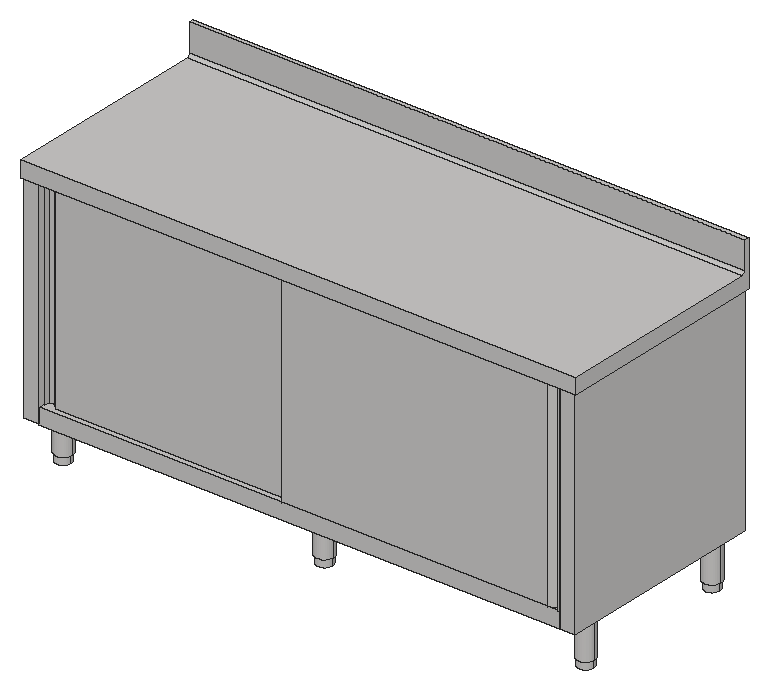
Revit family "QF_ELECTROLUXPROFESSIONAL_133083_TN1810EN", category Attrezzature speciali, Revit 2020
Family settings
  Quota connettore circolare = Usa diametro
  Tipo di parte = Normale
  Basato su piano di lavoro = No
  Sempre verticale = Sì
  Taglio con vuoti quando caricato = No
  Condiviso = No
  Punto di calcolo locali = No
Parameters (values of type "Standard")
  Weight = 70.00 kg
  Watts = 0 W
  Volts = 0 V
  URL Manufacturer = "https://www.electroluxprofessional.com/"
  URL = "https://www.electroluxprofessional.com/"
  Steam Supply Size = 0 mm
  Steam Supply Minimum Pressure = 0.0 Pa
  Steam Supply Maximum Pressure = 0.0 Pa
  Steam Consumption per Hour = 0
  Refrigeration Suction Line Size = 0.0 mm
  Refrigeration Liquid Line Size = 0.0 mm
  Refrigerant Compressor Remote = yes
  Prospetto di default = 0.0 mm
  Produttore = "Electrolux Professional"
  Phase = 0
  Modello = "TN1810EN"
  Length Actual = 1800.0 mm  # constant formula
  Item Number = "133083"
  Hot Water Size = 0 mm
  Height Actual = 1000.0 mm  # constant formula
  HP = "0 HP"
  Gas Size = 0 mm
  Gas KW = 0
  Gas Input Pressure = 0 W
  Direct Waste Size = 0 mm
  Descrizione = "WORKTOP CUPBOARD WITH UPSTAND 1800 MM"
  Depth Actual = 700.0 mm  # constant formula
  Cycle = 0 Hz
  Condensate Return Size = 0 mm
  Compressed Air Volume = 0.0 L/s
  Compressed Air Size = 0 mm
  Compressed Air Pressure = 0.0 Pa
  Cold Water Size = 0 mm
  Accessory = yes
Reference planes
  plane 1 "Center (Front/Back)": y = 0
  plane 2: z = 0
  plane 3 "Center (Left/Right)": x = -400
  plane 4 "LEFT": x = -1300
  plane 5 "RIGHT": x = 500
  plane 6 "BACK": y = 350
  plane 7 "FRONT": y = -350
  plane 8 "Base": z = 850
  plane 9 "TOP": z = 900
  plane 10: x = -1246.9
  plane 11: x = 446.9
  plane 12: y = 270
  plane 13: y = -241.9
  plane 14 "BodyLeft": x = -1294.5
  plane 15 "BodyFront": y = -344.5
  plane 16 "BodyRight": x = 494.5
  plane 17 "BodyBack": y = 344.5
  plane 18 "FEET": z = 150
  plane 19: x = -344.5
  plane 20: x = -455.5
Forms (mm)
  Extrusion 1, solid, material "QF_Finishes_Stainless Steel"
    sketch origin (-400, 0, 0) x (0, 1, 0) y (0, 0, 1)
      loop
        line (-350, 850) -> (350, 850) -> (350, 1000) -> (337, 1000) -> (337, 910)
        arc (337, 910) -> (334.071, 902.929) -> (327, 900) r 10
        line (327, 900) -> (-350, 900) -> (-350, 850)
    from 900 to -900
  Extrusion 2, solid, material "QF_Finishes_Stainless Steel"
    sketch origin (0, 0, 150) x (-1, 0, 0) y (0, -1, 0)
      loop
        line (1294.5, -344.5) -> (1294.5, 344.5) -> (1244.5, 344.5) -> (1244.5, -344.5) -> (1294.5, -344.5)
      loop
        line (-444.5, -344.5) -> (-444.5, 344.5) -> (-494.5, 344.5) -> (-494.5, -344.5) -> (-444.5, -344.5)
    from 0 to 700
  Extrusion 3, solid, material "QF_Finishes_Stainless Steel"
    sketch origin (0, 0, 150) x (-1, 0, 0) y (0, -1, 0)
      loop
        line (1243.585, -344.5) -> (1243.585, 344.5) -> (-444.5, 344.5) -> (-444.5, -344.5) -> (1243.585, -344.5)
    from 0 to 50
  Extrusion 4, solid, material "QF_Finishes_Stainless Steel"
    sketch origin (0, 0, 150) x (-1, 0, 0) y (0, -1, 0)
      loop
        line (1243.585, -344.5) -> (1243.585, -294.5) -> (-444.5, -294.5) -> (-444.5, -344.5) -> (1243.585, -344.5)
    from 50 to 700
  Extrusion 5, solid, material "QF_Finishes_Stainless Steel"
    sketch origin (0, 0, 150) x (-1, 0, 0) y (0, -1, 0)
      loop
        line (-444.5, 344.5) -> (-444.5, 324.5) -> (455.5, 324.5) -> (455.5, 344.5) -> (-404.5, 344.5) -> (-424.5, 329.5) -> (-439.5, 329.5) -> (-439.5, 344.5) -> (-444.5, 344.5)
    from 50 to 700
  Extrusion 6, solid, material "QF_Finishes_Stainless Steel"
    sketch origin (0, 20, 150) x (1, 0, 0) y (0, 1, 0)
      loop
        line (-1244.5, -344.5) -> (-1239.5, -344.5) -> (-1239.5, -329.5) -> (-1224.5, -329.5) -> (-1204.5, -344.5) -> (-344.5, -344.5) -> (-344.5, -324.5) -> (-1244.5, -324.5) -> (-1244.5, -344.5)
    from 50 to 700
Lines and regions (mm)
  symbolic lines
    curve 1: line (500, 350, 900) -> (-1300, 350, 900)
    curve 2: line (-1300, 350, 900) -> (-1300, -350, 900)
    curve 3: line (-1300, -350, 900) -> (500, -350, 900)
    curve 4: line (500, -350, 900) -> (500, 350, 900)
    curve 5: line (-1300, 337, 900) -> (500, 337, 900)
  symbolic lines, style "SpecialityEquipmentHiddenLines"
    curve 6: line (-1294.5, -344.5, 150) -> (-1294.5, 344.5, 150)
    curve 7: line (-1294.5, 344.5, 150) -> (494.5, 344.5, 150)
    curve 8: line (494.5, 344.5, 150) -> (494.5, -344.5, 150)
    curve 9: line (494.5, -344.5, 150) -> (-1294.5, -344.5, 150)
    curve 10: line (-1244.5, -304.5, 150) -> (-344.5, -304.5, 150)
    curve 11: line (-344.5, -304.5, 150) -> (-344.5, -324.5, 150)
    curve 12: line (444.5, -324.5, 150) -> (-1244.5, -324.5, 150)
    curve 13: line (-1244.5, -324.5, 150) -> (-1244.5, -304.5, 150)
    curve 14: line (-455.5, -344.5, 150) -> (-455.5, -324.5, 150)
Dimensions and locks
  plane 4 "LEFT" to plane 5 "RIGHT" = 1800.0 mm
  equal spacing: plane 4 "LEFT", plane 3 "Center (Left/Right)", plane 5 "RIGHT"
  locked: plane 8 "Base" to level at 850
  locked: Extrusion 1 to level at 1000
  plane 9 "TOP" to level = 900.0 mm
  plane 6 "BACK" to plane 7 "FRONT" = 700.0 mm
  equal spacing: plane 6 "BACK", plane 1 "Center (Front/Back)", plane 7 "FRONT"
  locked: plane 4 "LEFT" to plane 14 "BodyLeft" at 5.5
  locked: plane 16 "BodyRight" to plane 5 "RIGHT" at 5.5
  locked: plane 15 "BodyFront" to plane 7 "FRONT" at 5.5
  locked: plane 6 "BACK" to plane 17 "BodyBack" at 5.5
  locked: plane 14 "BodyLeft" to plane 10 at 47.6
  locked: plane 11 to plane 16 "BodyRight" at 47.6
  locked: plane 13 to plane 15 "BodyFront" at 102.6
  locked: plane 17 "BodyBack" to plane 12 at 74.5
  plane 10 to plane 11 = 1693.8 mm
  plane 12 to plane 13 = 511.9 mm
  locked: plane 14 "BodyLeft" to Extrusion 2 sketch curve at 50
  locked: Extrusion 2 sketch curve to Extrusion 2 sketch curve at 50
  Extrusion 3 to Extrusion 4 sketch curve = 50.0 mm
  Extrusion 2 to plane 19 = 900.0 mm
  plane 20 to Extrusion 2 = 900.0 mm
  locked: plane 18 "FEET" to level at 150
  aligned and locked: level to plane 2
  aligned and locked: plane 10 to nested 1
  aligned and locked: nested 1 to plane 13
  aligned and locked: plane 11 to nested 2
  aligned and locked: nested 2 to plane 13
  aligned and locked: plane 11 to nested 4
  aligned and locked: nested 4 to plane 12
  aligned and locked: plane 10 to nested 3
  aligned and locked: nested 3 to plane 12
  aligned and locked: Extrusion 1 to plane 4 "LEFT"
  aligned and locked: plane 5 "RIGHT" to Extrusion 1
  aligned and locked: curve 2 to plane 4 "LEFT"
  aligned and locked: plane 17 "BodyBack" to Extrusion 2 sketch curve
  aligned and locked: Extrusion 2 sketch curve to plane 15 "BodyFront"
  aligned and locked: Extrusion 2 sketch curve to plane 14 "BodyLeft"
  aligned and locked: plane 16 "BodyRight" to Extrusion 2 sketch curve
  aligned and locked: Extrusion 2 sketch curve to plane 17 "BodyBack"
  aligned and locked: plane 15 "BodyFront" to Extrusion 2 sketch curve
  aligned and locked: Extrusion 3 sketch curve to plane 17 "BodyBack"
  aligned and locked: plane 15 "BodyFront" to Extrusion 3 sketch curve
  aligned and locked: plane 8 "Base" to Extrusion 2
  aligned and locked: plane 8 "Base" to Extrusion 5
  aligned and locked: Extrusion 5 to Extrusion 3
  aligned and locked: Extrusion 6 sketch curve to plane 19
  aligned and locked: Extrusion 5 sketch curve to plane 20
  aligned and locked: curve 7 to plane 17 "BodyBack"
  aligned and locked: Extrusion 2 to plane 14 "BodyLeft"
  aligned and locked: plane 16 "BodyRight" to curve 8
  aligned and locked: plane 15 "BodyFront" to curve 9
  aligned and locked: plane 3 "Center (Left/Right)" to nested 5
  aligned and locked: plane 3 "Center (Left/Right)" to nested 6
Automatic sketch dimensions
  curve 3 to plane 7 "FRONT" = 0.0 mm
  curve 5 to plane 5 "RIGHT" = 0.0 mm
  curve 4 to plane 6 "BACK" = 0.0 mm
  curve 5 to plane 17 "BodyBack" = 7.5 mm
  Extrusion 1 sketch curve to plane 7 "FRONT" = 0.0 mm
  Extrusion 1 sketch curve to plane 9 "TOP" = 0.0 mm
  Extrusion 1 sketch curve to plane 6 "BACK" = 0.0 mm
  Extrusion 1 sketch curve to plane 8 "Base" = 0.0 mm
  Extrusion 1 sketch curve to plane 17 "BodyBack" = 17.5 mm
  Extrusion 1 sketch curve to plane 17 "BodyBack" = 7.5 mm
  Extrusion 1 sketch curve to Extrusion 1 sketch curve = 90.0 mm
  Extrusion 5 sketch curve to plane 15 "BodyFront" = 0.0 mm  (x2)
  Extrusion 5 sketch curve to plane 11 = 2.4 mm
  Extrusion 5 sketch curve to Extrusion 5 sketch curve = 5.0 mm
  Extrusion 5 sketch curve to Extrusion 5 sketch curve = 15.0 mm
  Extrusion 5 sketch curve to Extrusion 5 sketch curve = 20.0 mm
  plane 15 "BodyFront" to Extrusion 5 sketch curve = 15.0 mm
  plane 15 "BodyFront" to Extrusion 5 sketch curve = 20.0 mm
  Extrusion 6 sketch curve to plane 15 "BodyFront" = 20.0 mm  (x2)
  Extrusion 6 sketch curve to plane 10 = 2.4 mm
  Extrusion 6 sketch curve to Extrusion 6 sketch curve = 5.0 mm
  Extrusion 6 sketch curve to Extrusion 6 sketch curve = 15.0 mm
  Extrusion 6 sketch curve to Extrusion 6 sketch curve = 20.0 mm  (x2)
  Extrusion 6 sketch curve to plane 15 "BodyFront" = 35.0 mm
  Extrusion 3 sketch curve to plane 11 = 2.4 mm
  plane 10 to Extrusion 3 sketch curve = 3.315 mm
  Extrusion 4 sketch curve to plane 11 = 2.4 mm
  plane 10 to Extrusion 4 sketch curve = 3.315 mm
  curve 10 to plane 19 = 0.0 mm
  curve 14 to plane 20 = 0.0 mm
  curve 7 to plane 14 "BodyLeft" = 0.0 mm
  plane 10 to curve 13 = 2.4 mm
  curve 10 to curve 13 = 20.0 mm
  curve 12 to plane 11 = 2.4 mm
  plane 15 "BodyFront" to curve 14 = 20.0 mm
Nested families
  nested 1: "FEET_D58-150" at (-1246.9, -241.9, 0), type "FEET_D58-150"
  nested 2: "FEET_D58-150" at (446.9, -241.9, 0), type "FEET_D58-150"
  nested 3: "FEET_D58-150" at (-1246.9, 270, 0), type "FEET_D58-150"
  nested 4: "FEET_D58-150" at (446.9, 270, 0), type "FEET_D58-150"
  nested 5: "FEET_D58-150" at (-400, -241.9, 0), type "FEET_D58-150"
  nested 6: "FEET_D58-150" at (-400, 270, 0), type "FEET_D58-150"
Definition of nested family "FEET_D58-150"
  Parameters
    Default Elevation = 0.0 mm
    FEET = 150.0 mm
  Reference planes
    plane 1 "Center (Front/Back)": y = 0
    plane 2: z = 0
    plane 3 "Center (Left/Right)": x = 0
    plane 4: z = 150
  Forms (mm)
    Extrusion 1, solid
      sketch origin (0, 0, 0) x (1, 0, 0) y (0, 1, 0)
        loop
          circle (0, 0) r 25
      from 0 to 25
    Extrusion 2, solid
      sketch origin (0, 0, 0) x (1, 0, 0) y (0, 1, 0)
        loop
          circle (0.061, 0) r 29
      from 25 to 150 <- "FEET"
  Lines and regions (mm)
    symbolic lines
      curve 1: line (0, -1.503, 0) -> (0, 1.508, 0)
      curve 2: line (1.561, 0, 0) -> (-1.439, 0, 0)
  Dimensions and locks
    "FEET": plane 4 to plane 2
    aligned and locked: level to plane 2
  Automatic sketch dimensions
    plane 1 "Center (Front/Back)" to Extrusion 1 sketch curve = 0.0 mm
    Extrusion 1 sketch curve to plane 3 "Center (Left/Right)" = 0.0 mm
    plane 1 "Center (Front/Back)" to curve 2 = 0.0 mm
    curve 1 to plane 3 "Center (Left/Right)" = 0.0 mm
    curve 2 to plane 3 "Center (Left/Right)" = 1.439 mm
    plane 3 "Center (Left/Right)" to curve 2 = 1.561 mm
    plane 1 "Center (Front/Back)" to curve 1 = 1.503 mm
    curve 1 to plane 1 "Center (Front/Back)" = 1.508 mm
    plane 1 "Center (Front/Back)" to Extrusion 2 sketch curve = 0.0 mm
    plane 3 "Center (Left/Right)" to Extrusion 2 sketch curve = 0.061 mm
    radius of Extrusion 1 sketch curve = 25.0 mm
    radius of Extrusion 2 sketch curve = 29.0 mm
